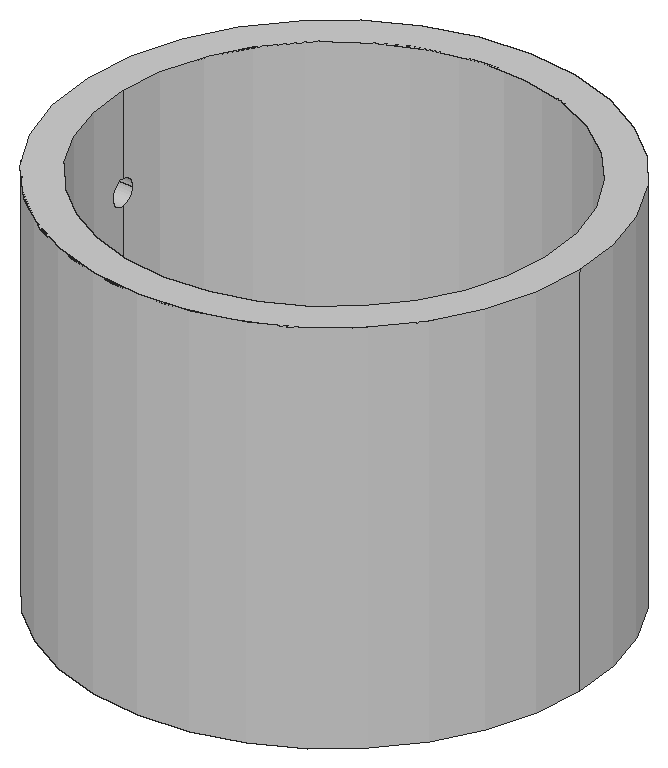
Revit family "KSP 10", category Фундамент несущей конструкции, Revit 2025
Family settings
  Материал для поведения модели = Прочее
  Заглушка = Нет
  Номер OmniClass = 23.25.05.00
  Заголовок OmniClass = Foundations
  На основе рабочей плоскости = Нет
  Всегда вертикально = Да
  При загрузке вырезать с полостями = Нет
  Общий = Нет
  Показывать семейство разрезанным на планах = Да
Parameters
  Петля = Петля_П1_П2 : П2
Reference planes
  plane 1 "По центру (Вперед/Назад)": y = -35
  plane 2: z = 0
  plane 3 "По центру (Влево/Вправо)": x = 0
  plane 4: z = 890
  plane 5: z = 370
  plane 6: x = -500
  plane 7: x = 500
  plane 8: x = -570
  plane 9: x = 570
  plane 10: z = 400
  plane 11: z = 340
  plane 12 "2": y = -65
  plane 13 "3": y = -5
  plane 14: x = -580
  plane 15: x = 580
  plane 16: z = 150
  plane 17: x = 210
  plane 18: x = -490
  plane 19: z = 675
  plane 20: z = 705
  plane 21: z = 645
Forms (mm)
  Extrusion 1, solid, material "Бетон В15"
    sketch origin (0, 0, 0) x (1, 0, 0) y (0, 1, 0)
      loop
        circle (0, -35) r 580
      loop
        circle (0, -35) r 500
    from 0 to 890
  Extrusion 2, void
    sketch origin (0, 0, 0) x (0, 1, 0) y (0, 0, -1)
      loop
        circle (-35, -370) r 30
    from -570 to 570
  Extrusion 3, solid, material "Бетон В15"
    sketch origin (0, 0, 0) x (1, 0, 0) y (0, 1, 0)
      loop
        circle (0, -35) r 500
    from 0 to 150
  Extrusion 4, void
    sketch origin (0, 0, 0) x (1, 0, 0) y (0, 1, 0)
      loop
        circle (-140, -35) r 350
    from 0 to 150
  Extrusion 5, void
    sketch origin (0, 0, 305) x (0, 1, 0) y (0, 0, -1)
      loop
        circle (-35, -370) r 30
    from -570 to 570
Cuts and joins
  Extrusion 2, Extrusion 5 cuts Extrusion 1
  Extrusion 4, Extrusion 5 cuts Extrusion 3
  joined: Extrusion 1, Extrusion 3
Dimensions and locks
  plane 4 to level = 890 mm
  plane 5 to level = 370 mm
  plane 19 to plane 5 = 305 mm
  aligned and locked: plane 2 to level
